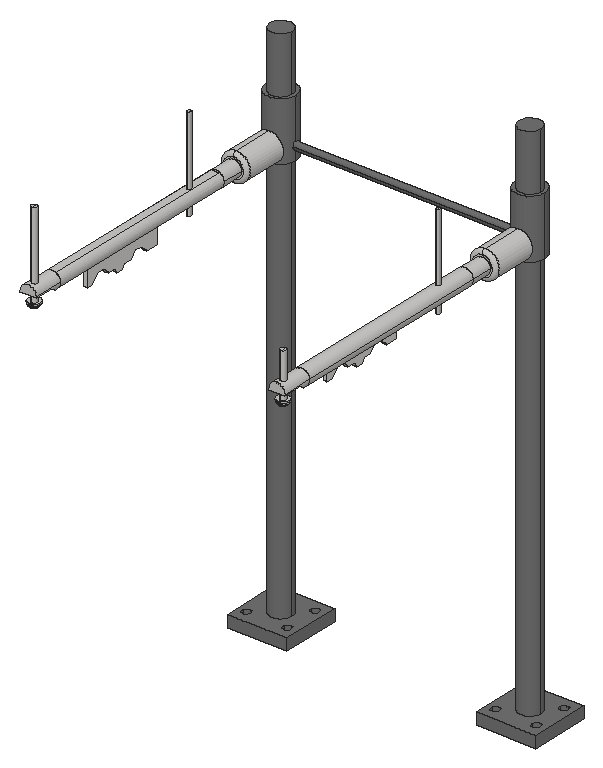
Revit family
Parameters (values of type "AM. STD LUCERNE 0355.012")
  Weight (lb) = 25.95
  Waste Connection = no
  Warranty = "1 year material and workmanship"  # constant formula
  Vent Connection = no
  URL = "http://www.jrsmith.com"
  Technical and Installation = "http://www.jrsmith.com/products/lav/techdata/td_index.htm"
  SmartBIM Object Version = 3  # constant formula
  SmartBIM Object Created By = "Reed Construction Data"  # constant formula
  Push On = yes
  Product URL = "http://www.jrsmith.com/products/lav/submittal/d0700.pdf"
  OmniClass Title = "Commercial Lavatories and Sinks"  # constant formula
  OmniClass Code = "22-22 42 16"  # constant formula
  Model = "0700"  # constant formula
  Max. Static Load = ""
  Material Finish = Stainless Steel Polished
  Material = Duco Coated
  Manufacturer = "Jay R. Smith Mfg. Co. "  # constant formula
  Maintenance = ""
  K = 1/2"
  J = 19"
  HW Connection = no
  G = 16 1/2"
  F = 6"
  E = 6"
  Description = "Pro-Set Lavatory Supports with Concealed Arms - Floor Mounted"  # constant formula
  D = 4"
  CW Connection = no
  Width = 16 3/4"
  Height = 36"
  Support Height = 29 1/4"
  Depth = 21 1/4"
  Default Elevation = 0"
  Assembly Code = "D2010310"
  A = Support Height + 3"  # 32 1/4"
  95 CSI = "15050"  # constant formula
  04 CSI = "22 05 29"  # constant formula
Types (13): name | Weight (lb) | K | J | G | F | E | D | Width | Height | Support Height | A
  AM. STD LUCERNE 0355.012 | 25.95 | 1/2" | 19" | 16 1/2" | 6" | 6" | 4" | 16 3/4" | 36" | 29 1/4" | 32 1/4"
  AM. STD LUCERNE 0356.015 | 25.95 | 1/2" | 19" | 16 1/2" | 6" | 6" | 4" | 16 1/4" | 36" | 32" | 35"
  AM. STD LUCERNE 0356.421 | 25.95 | 1/2" | 19" | 16 1/2" | 6" | 6" | 4" | 16 1/4" | 36 81/256" | 29 1/4" | 32 1/4"
  AM. STD LUCERNE 0356.439 | 25.95 | 1/2" | 19" | 16 1/2" | 6" | 6" | 4" | 16 1/4" | 36 81/256" | 29 1/4" | 32 1/4"
  AM. STD MURRO 0954.000 | 17.35 | 1/2" | 17" | 14 1/2" | 6" | 6" | 4" | 16 1/4" | 39 113/256" | 32 3/8" | 35 3/8"
  AM. STD MURRO 0955.000 | 17.35 | 1/2" | 17" | 14 1/2" | 6" | 6" | 4" | 16 1/4" | 39 113/256" | 32 3/8" | 35 3/8"
  AM. STD MURRO 0958.00 | 17.35 | 1/2" | 17" | 14 1/2" | 6" | 6" | 4" | 16 1/4" | 39 113/256" | 32 3/8" | 35 3/8"
  CRANE HARWICH 1-4 | 25.35 | 2 1/2" | 18" | 16 1/2" | 4 3/8" | 5 5/8" | 4" | 16 1/4" | 36 81/256" | 29 1/4" | 32 1/4"
  ELJER DELWN 051-1634, 1838 | 17.35 | 3/4" | 17" | 13 1/2" | 4 3/4" | 5" | 3" | 15 1/2" | 36 81/256" | 29 1/4" | 32 1/4"
  ELJER SIGNATURE 051-2101, 4, 8 | 25.35 | 3/4" | 18" | 15 3/4" | 4 3/4" | 5 5/8" | 4" | 17" | 39 81/256" | 32 1/4" | 35 1/4"
  KOHLER GREENWICH K-2030, 1, 2, 4, 6 | 24.45 | 3/4" | 16" | 14 1/4" | 5 1/4" | 5 1/4" | 3 1/4" | 17 1/4" | 36 81/256" | 29 1/4" | 32 1/4"
  KOHLER SOHO K-2053, 4 | 17.35 | 3/4" | 17" | 14 1/4" | 5 1/4" | 5 1/4" | 3 1/4" | 16 1/2" | 36 81/256" | 29 1/4" | 32 1/4"
  U. RUNDLE NEW CAMDEN 4648, 9 | 24.45 | 2 1/2" | 16" | 13 1/2" | 4" | 2 1/2" | 4 1/2" | 16 1/4" | 36 81/256" | 29 1/4" | 32 1/4"
Reference planes (in)
  plane 1: z = 0
  plane 2 "Center (Left/Right)": x = -8.5
  plane 3: x = -16.875
  plane 4: x = -0.125
  plane 5: y = 21
  plane 6: y = -0.25
  plane 7: z = 29.25
  plane 8: z = 14.625
  plane 9: z = 0.78125
  plane 10: z = 36
  plane 11: y = 15.52174
  plane 12: y = 1.74932
  plane 13 "Center (Front/Back)": y = 10.375
  plane 14: x = -18.875
  plane 15: x = 1.875
  plane 16: y = 0.25
  plane 17: z = 32.25
  plane 18: y = 17
  plane 19: y = 13.27174
  plane 20: y = 7.27174
  plane 21: y = 1.27174
  plane 22: z = 23.85534
  plane 23: z = 7.35534
  plane 24: z = 27.25
  plane 25: z = 8.25
  plane 26: z = 34.31641
Forms (in)
  Extrusion 1, solid, material "Duco Coated" <- "Material"
    sketch origin (0, 0, 0) x (1, 0, 0) y (0, 1, 0)
      loop
        line (-18.875, 23) -> (-18.875, 19) -> (-14.875, 19) -> (-14.875, 23) -> (-18.875, 23)
      loop
        line (1.875, 23) -> (-2.125, 23) -> (-2.125, 19) -> (1.875, 19) -> (1.875, 23)
      loop
        circle (-18.25, 22.16759) r 0.28125
      loop
        circle (-15.5, 22.16759) r 0.28125
      loop
        circle (-18.25, 19.83241) r 0.28125
      loop
        circle (-15.5, 19.83241) r 0.28125
      loop
        circle (1.25, 19.83241) r 0.28125
      loop
        circle (-1.5, 19.83241) r 0.28125
      loop
        circle (1.25, 22.16759) r 0.28125
      loop
        circle (-1.5, 22.16759) r 0.28125
    from 0 to 0.78125
  Extrusion 2, solid, material "Duco Coated" <- "Material"
    sketch origin (0, 0, 0.78125) x (1, 0, 0) y (0, 1, 0)
      loop
        circle (-16.875, 21) r 0.73828
      loop
        circle (-0.125, 21) r 0.73828
    from 0 to 35.21875
  Extrusion 3, solid, material "Duco Coated" <- "Material"
    sketch origin (0, 0, 0.78125) x (1, 0, 0) y (0, 1, 0)
      loop
        circle (-16.875, 21) r 0.73828
      loop
        circle (-16.875, 21) r 1
      loop
        circle (-0.125, 21) r 0.73828
      loop
        circle (-0.125, 21) r 1
    from 27.51979 to 31.45907
  Revolve 4, solid, material "Stainless Steel Polished" <- "Material Finish"
    sketch origin (-16.875, 0, 0) x (0, 1, 0) y (0, 0, 1)
      loop
        line (20, 30.18597) -> (17.25, 30.18597)
        arc (17.25, 30.18597) -> (17.07322, 30.11275) -> (17, 29.93597) r 0.25
        line (17, 29.93597) -> (17, 29.25119) -> (20, 29.25119) -> (20, 30.18597)
      axis (20, 29.25119) -> (17, 29.25119)
    angle from 0 to 360
  Revolve 5, solid, material "Stainless Steel Polished" <- "Material Finish"
    sketch origin (-0.125, 0, 0) x (0, 1, 0) y (0, 0, 1)
      loop
        line (20, 30.18597) -> (17.25, 30.18597)
        arc (17.25, 30.18597) -> (17.07322, 30.11275) -> (17, 29.93597) r 0.25
        line (17, 29.93597) -> (17, 29.25119) -> (20, 29.25119) -> (20, 30.18597)
      axis (20, 29.25119) -> (17, 29.25119)
    angle from 0 to 360
  Extrusion 6, solid, material "Stainless Steel Polished" <- "Material Finish"
    sketch origin (0, -2, 0) x (1, 0, 0) y (0, 0, 1)
      loop
        circle (-16.875, 29.25) r 0.54229
      loop
        circle (-0.125, 29.25) r 0.54229
    from -19 to -17.52174
  Extrusion 7, solid, material "Stainless Steel Polished" <- "Material Finish"
    sketch origin (0, -2, 0) x (1, 0, 0) y (0, 0, 1)
      loop
        arc (-17.15015, 29.72006) -> (-16.875, 28.70533) -> (-16.59985, 29.72006) r 0.54467
        line (-16.59985, 29.72006) -> (-17.15015, 29.72006)
      loop
        circle (-0.125, 29.25) r 0.54467
    from -17.52174 to -3.74932
  Extrusion 8, solid, material "Stainless Steel Polished" <- "Material Finish"
    sketch origin (0, -2, 0) x (1, 0, 0) y (0, 0, 1)
      loop
        circle (-0.125, 29.25) r 0.54467
    from -3.74932 to -1.75
  Extrusion 9, void
    sketch origin (-8.5, 0, 0) x (0, 1, 0) y (0, 0, 1)
      loop
        line (1.05367, 29.18597) -> (-0.25, 29.18597) -> (-0.25, 28.62075) -> (1.74932, 28.62075) -> (1.74932, 28.70771) -> (1.05367, 29.18597)
    from -10.375 to 10.375
  Revolve 10, solid, material "Stainless Steel Polished" <- "Material Finish"
    sketch origin (-16.875, 0, 0) x (0, 1, 0) y (0, 0, 1)
      loop
        line (0.44565, 34.31641) -> (0.25, 34.31641) -> (0.25, 28.23352)
        arc (0.25, 28.23352) -> (0.29806, 28.23509) -> (0.34561, 28.24231) r 0.40708
        arc (0.34561, 28.24231) -> (0.38677, 28.25336) -> (0.42655, 28.26865) r 0.40708
        arc (0.42655, 28.26865) -> (0.46311, 28.28721) -> (0.49762, 28.30936) r 0.40708
        arc (0.49762, 28.30936) -> (0.5327, 28.3375) -> (0.56446, 28.36934) r 0.40708
        arc (0.56446, 28.36934) -> (0.58737, 28.39743) -> (0.60769, 28.42743) r 0.40708
        arc (0.60769, 28.42743) -> (0.6207, 28.45025) -> (0.63222, 28.47386) r 0.40708
        arc (0.63222, 28.47386) -> (0.64856, 28.51656) -> (0.66001, 28.56082) r 0.40708
        arc (0.66001, 28.56082) -> (0.66481, 28.59065) -> (0.6674, 28.62075) r 0.40708
        line (0.6674, 28.62075) -> (0.44565, 28.62075) -> (0.44565, 34.31641)
      axis (0.25, 28.23352) -> (0.25, 34.31641)
    angle from 0 to 360
  Revolve 11, solid, material "Stainless Steel Polished" <- "Material Finish"
    sketch origin (-0.125, 0, 0) x (0, 1, 0) y (0, 0, 1)
      loop
        line (0.44565, 31.56641) -> (0.25, 31.56641) -> (0.25, 28.23352)
        arc (0.25, 28.23352) -> (0.29806, 28.23509) -> (0.34561, 28.24231) r 0.40708
        arc (0.34561, 28.24231) -> (0.38677, 28.25336) -> (0.42655, 28.26865) r 0.40708
        arc (0.42655, 28.26865) -> (0.46311, 28.28721) -> (0.49762, 28.30936) r 0.40708
        arc (0.49762, 28.30936) -> (0.5327, 28.3375) -> (0.56446, 28.36934) r 0.40708
        arc (0.56446, 28.36934) -> (0.58737, 28.39743) -> (0.60769, 28.42743) r 0.40708
        arc (0.60769, 28.42743) -> (0.6207, 28.45025) -> (0.63222, 28.47386) r 0.40708
        arc (0.63222, 28.47386) -> (0.64856, 28.51656) -> (0.66001, 28.56082) r 0.40708
        arc (0.66001, 28.56082) -> (0.66481, 28.59065) -> (0.6674, 28.62075) r 0.40708
        line (0.6674, 28.62075) -> (0.44565, 28.62075) -> (0.44565, 31.56641)
      axis (0.25, 28.23352) -> (0.25, 31.56641)
    angle from 0 to 360
  Extrusion 12, solid, material "Stainless Steel Polished" <- "Material Finish"
    sketch origin (-17, -2, 0) x (-1, 0, 0) y (0, 0, -1)
      loop
        circle (-0.125, -29.25) r 0.54467
    from -3.74932 to -1.75
  Extrusion 13, solid, material "Stainless Steel Polished" <- "Material Finish"
    sketch origin (-8.5, 0, 0) x (0, 1, 0) y (0, 0, 1)
      loop
        line (10.375, 28.80554) -> (4.56522, 28.80554) -> (4.56522, 27.57728) -> (4.95652, 27.57728) -> (5.43478, 28.05554) -> (5.95652, 28.05554) -> (6.34783, 27.66423) -> (6.90036, 27.66423) -> (7.06522, 27.38162) -> (7.47826, 27.38162) -> (7.64312, 27.66423) -> (8.19565, 27.66423) -> (8.58696, 28.05554) -> (9.1087, 28.05554) -> (9.58696, 27.57728) -> (10.375, 27.57728) -> (10.375, 28.80554)
    from 7.625 to 7.875
  Extrusion 14, solid, material "Stainless Steel Polished" <- "Material Finish"
    sketch origin (-16.875, 0, 0) x (0, 1, 0) y (0, 0, 1)
      loop
        line (10.375, 28.80554) -> (4.56522, 28.80554) -> (4.56522, 27.57728) -> (4.95652, 27.57728) -> (5.43478, 28.05554) -> (5.95652, 28.05554) -> (6.34783, 27.66423) -> (6.90036, 27.66423) -> (7.06522, 27.38162) -> (7.47826, 27.38162) -> (7.64312, 27.66423) -> (8.19565, 27.66423) -> (8.58696, 28.05554) -> (9.1087, 28.05554) -> (9.58696, 27.57728) -> (10.375, 27.57728) -> (10.375, 28.80554)
    from -0.125 to 0.125
  Extrusion 15, solid, material "Duco Coated" <- "Material"
    sketch origin (-8.5, 0, 0) x (0, 1, 0) y (0, 0, 1)
      loop
        circle (21, 29.25) r 0.25
    from -8.375 to 8.375
  Revolve 16, solid, material "Stainless Steel Polished" <- "Material Finish"
    sketch origin (-16.875, 0, 0) x (0, 1, 0) y (0, 0, 1)
      loop
        line (13.39674, 34.31641) -> (13.27174, 34.31641) -> (13.27174, 28.07609) -> (13.39674, 28.07609) -> (13.39674, 34.31641)
      axis (13.27174, 28.07609) -> (13.27174, 34.31641)
    angle from 0 to 360
  Revolve 17, solid, material "Stainless Steel Polished" <- "Material Finish"
    sketch origin (-0.125, 0, 0) x (0, 1, 0) y (0, 0, 1)
      loop
        line (13.39674, 34.31641) -> (13.27174, 34.31641) -> (13.27174, 28.07609) -> (13.39674, 28.07609) -> (13.39674, 34.31641)
      axis (13.27174, 28.07609) -> (13.27174, 34.31641)
    angle from 0 to 360
Cuts and joins
  Extrusion 9 cuts Extrusion 8
  Extrusion 9 cuts Extrusion 12
  joined: Revolve 4, Revolve 5, Extrusion 6, Extrusion 8, Revolve 10, Revolve 11, Extrusion 12
  joined: Extrusion 13, Extrusion 14
  joined: Extrusion 7, Revolve 16, Revolve 17
  joined: Extrusion 1, Extrusion 2, Extrusion 3, Extrusion 15
Dimensions and locks (in)
  equal spacing: plane 3, plane 2 "Center (Left/Right)", plane 4
  "Width": plane 3 to plane 4
  equal spacing: level, plane 8, plane 7
  "Support Height": level to plane 7
  locked: Extrusion 1 sketch curve to Extrusion 1 sketch curve at 4  (x4)
  equal spacing: Extrusion 1 sketch curve, plane 5, Extrusion 1 sketch curve  (x2)
  equal spacing: Extrusion 1 sketch curve, plane 3, Extrusion 1 sketch curve  (x3)
  equal spacing: Extrusion 1 sketch curve, plane 4, Extrusion 1 sketch curve  (x3)
  locked: Extrusion 1 sketch curve to Extrusion 1 sketch curve at 2.75  (x4)
  locked: level to plane 9 at 0.78125
  locked: Extrusion 3 to Extrusion 3 at 3.93928
  locked: Extrusion 3 to plane 7 at 0.94896
  equal spacing: plane 6, plane 13 "Center (Front/Back)", plane 5
  "Depth": plane 6 to plane 5
  locked: plane 14 to plane 3 at 2
  locked: plane 15 to plane 4 at 2
  locked: plane 12 to plane 6 at 1.99932
  "K": plane 16 to plane 6
  "Height": level to plane 10
  "A": level to plane 17
  "D": plane 5 to plane 18
  "E": plane 19 to plane 20
  locked: plane 13 "Center (Front/Back)" to plane 20 at 3.10326
  locked: Revolve 16 sketch curve to Revolve 16 sketch curve at 0.125
  "F": plane 20 to plane 21
  "G": plane 22 to plane 23
  locked: plane 22 to plane 7 at 5.39466
  "J": plane 24 to plane 25
  locked: plane 24 to plane 7 at 2
  locked: Revolve 17 sketch curve to Revolve 17 sketch curve at 0.125
  locked: plane 5 to Revolve 4 sketch curve at 1
  aligned and locked: level to plane 1
  aligned and locked: Extrusion 1 to level
  aligned and locked: Extrusion 1 to plane 9
  aligned and locked: Extrusion 2 to Extrusion 1
  aligned and locked: plane 5 to Extrusion 2 sketch curve  (x2)
  aligned and locked: plane 3 to Extrusion 2 sketch curve
  aligned and locked: plane 4 to Extrusion 2 sketch curve
  aligned and locked: Extrusion 2 to plane 10
  aligned and locked: plane 3 to Extrusion 3 sketch curve  (x2)
  aligned and locked: plane 5 to Extrusion 3 sketch curve  (x4)
  aligned and locked: plane 4 to Extrusion 3 sketch curve  (x2)
  aligned and locked: plane 3 to Extrusion 6 sketch curve
  aligned and locked: plane 7 to Extrusion 6 sketch curve  (x2)
  aligned and locked: plane 4 to Extrusion 6 sketch curve
  aligned and locked: plane 7 to Extrusion 7 sketch curve  (x2)
  aligned and locked: plane 3 to Extrusion 7 sketch curve
  aligned and locked: plane 4 to Extrusion 7 sketch curve
  aligned and locked: plane 11 to cut or joined group of Revolve 4, Revolve 5, Extrusion 6, Extrusion 8, Extrusion 9, Revolve 10, Revolve 11, Extrusion 12
  aligned and locked: Extrusion 7 to plane 11
  aligned and locked: Extrusion 7 to plane 12
  aligned and locked: plane 4 to Extrusion 8 sketch curve
  aligned and locked: plane 7 to Extrusion 8 sketch curve
  aligned and locked: plane 6 to Extrusion 8
  aligned and locked: Extrusion 9 to plane 14
  aligned and locked: Extrusion 9 to plane 15
  aligned and locked: Extrusion 9 to Extrusion 12
  aligned and locked: Extrusion 9 to Extrusion 8
  aligned and locked: plane 12 to Extrusion 12
  aligned and locked: plane 16 to Revolve 10 sketch curve
  aligned and locked: Revolve 10 sketch curve to plane 16
  aligned and locked: Revolve 11 sketch curve to plane 16
  aligned and locked: plane 16 to Revolve 11 sketch curve
  aligned and locked: cut or joined group of Extrusion 13, Extrusion 14 to plane 13 "Center (Front/Back)"  (x2)
  aligned and locked: plane 6 to cut or joined group of Revolve 4, Revolve 5, Extrusion 6, Extrusion 8, Extrusion 9, Revolve 10, Revolve 11, Extrusion 12
  aligned and locked: plane 7 to Extrusion 15 sketch curve
  aligned and locked: plane 5 to Extrusion 15 sketch curve
  aligned and locked: Extrusion 15 to plane 3
  aligned and locked: plane 4 to Extrusion 15
  aligned and locked: Revolve 4 sketch curve to plane 18
  aligned and locked: Revolve 5 sketch curve to plane 18
  aligned and locked: Extrusion 6 to plane 18
  aligned and locked: plane 19 to Revolve 16 sketch curve
  aligned and locked: Revolve 16 sketch curve to plane 19
  aligned and locked: Revolve 17 sketch curve to plane 19
  aligned and locked: plane 19 to Revolve 17 sketch curve
  aligned and locked: plane 26 to cut or joined group of Extrusion 7, Revolve 16, Revolve 17  (x2)
  aligned and locked: plane 26 to cut or joined group of Revolve 4, Revolve 5, Extrusion 6, Extrusion 8, Extrusion 9, Revolve 10, Revolve 11, Extrusion 12
Automatic sketch dimensions
  Extrusion 1 sketch curve to Extrusion 1 sketch curve = 0.83241"  (x8)
  Revolve 5 sketch curve to plane 18 = 1/4"
  Revolve 5 sketch curve to plane 7 = 0.00119"
  Revolve 5 sketch curve to Revolve 5 sketch curve = 1/2"
  Revolve 5 sketch curve to Revolve 5 sketch curve = 0.97826"
  Revolve 5 sketch curve to Revolve 5 sketch curve = 0"
  Revolve 5 sketch curve to plane 7 = 0.68597"
  Extrusion 9 sketch curve to plane 6 = 0"
  Extrusion 9 sketch curve to plane 12 = 0"
  plane 7 to Extrusion 9 sketch curve = 0.06403"
  plane 21 to Extrusion 9 sketch curve = 0.21807"
  plane 7 to Extrusion 9 sketch curve = 0.54229"
  Extrusion 9 sketch curve to Extrusion 9 sketch curve = 0.56522"
  Revolve 10 sketch curve to Revolve 10 sketch curve = 0"  (x56)
  Revolve 10 sketch curve to plane 16 = 0.01079"
  Revolve 10 sketch curve to plane 16 = 0.09561"
  Revolve 10 sketch curve to Revolve 10 sketch curve = 0.08094"
  Revolve 10 sketch curve to plane 16 = 0.19565"
  Revolve 10 sketch curve to Revolve 10 sketch curve = 0.07107"
  Revolve 10 sketch curve to Revolve 10 sketch curve = 0.06684"
  Revolve 10 sketch curve to Revolve 10 sketch curve = 0.04323"
  Revolve 10 sketch curve to Revolve 10 sketch curve = 0.02454"
  Revolve 10 sketch curve to Revolve 10 sketch curve = 0.02779"
  Revolve 10 sketch curve to Revolve 10 sketch curve = 0.00739"
  plane 24 to Revolve 10 sketch curve = 0.98352"
  Revolve 10 sketch curve to Revolve 10 sketch curve = 0.00879"
  Revolve 10 sketch curve to plane 7 = 0.12075"
  Revolve 10 sketch curve to plane 17 = 2 17/256"
  Revolve 10 sketch curve to Revolve 10 sketch curve = 0.24732"
  Revolve 11 sketch curve to Revolve 11 sketch curve = 0"  (x56)
  Revolve 11 sketch curve to plane 16 = 0.01079"
  Revolve 11 sketch curve to plane 16 = 0.09561"
  Revolve 11 sketch curve to Revolve 11 sketch curve = 0.08094"
  Revolve 11 sketch curve to plane 16 = 0.19565"
  Revolve 11 sketch curve to Revolve 11 sketch curve = 0.07107"
  Revolve 11 sketch curve to Revolve 11 sketch curve = 0.06684"
  Revolve 11 sketch curve to Revolve 11 sketch curve = 0.04323"
  Revolve 11 sketch curve to Revolve 11 sketch curve = 0.02454"
  Revolve 11 sketch curve to Revolve 11 sketch curve = 0.02779"
  Revolve 11 sketch curve to Revolve 11 sketch curve = 0.00739"
  plane 24 to Revolve 11 sketch curve = 0.98352"
  Revolve 11 sketch curve to Revolve 11 sketch curve = 0.00879"
  Revolve 11 sketch curve to plane 7 = 0.12075"
  plane 17 to Revolve 11 sketch curve = 175/256"
  Revolve 11 sketch curve to Revolve 11 sketch curve = 0.24732"
  Extrusion 12 sketch curve to plane 3 = 0"
  Extrusion 12 sketch curve to plane 7 = 0"
  Extrusion 13 sketch curve to plane 13 "Center (Front/Back)" = 0"
  plane 24 to Extrusion 13 sketch curve = 0.32728"  (x2)
  plane 13 "Center (Front/Back)" to Extrusion 13 sketch curve = 0.78804"
  Extrusion 13 sketch curve to Extrusion 13 sketch curve = 0.47826"  (x3)
  Extrusion 13 sketch curve to Extrusion 13 sketch curve = 0.52174"  (x2)
  Extrusion 13 sketch curve to Extrusion 13 sketch curve = 0.3913"  (x2)
  Extrusion 13 sketch curve to plane 20 = 0.37138"
  Extrusion 13 sketch curve to plane 20 = 0.20652"
  plane 20 to Extrusion 13 sketch curve = 0.20652"
  Extrusion 13 sketch curve to Extrusion 13 sketch curve = 0.16486"
  plane 24 to Extrusion 13 sketch curve = 0.41423"
  Extrusion 13 sketch curve to Extrusion 13 sketch curve = 0.55254"
  plane 24 to Extrusion 13 sketch curve = 0.80554"
  plane 7 to Extrusion 13 sketch curve = 0.44446"
  Extrusion 13 sketch curve to Extrusion 13 sketch curve = 0.86957"
  plane 24 to Extrusion 13 sketch curve = 0.13162"
  Extrusion 13 sketch curve to Extrusion 13 sketch curve = 0.28261"
  Extrusion 14 sketch curve to plane 13 "Center (Front/Back)" = 0"
  plane 24 to Extrusion 14 sketch curve = 0.32728"  (x2)
  plane 13 "Center (Front/Back)" to Extrusion 14 sketch curve = 0.78804"
  Extrusion 14 sketch curve to Extrusion 14 sketch curve = 0.47826"  (x3)
  Extrusion 14 sketch curve to Extrusion 14 sketch curve = 0.52174"  (x2)
  Extrusion 14 sketch curve to Extrusion 14 sketch curve = 0.3913"  (x2)
  Extrusion 14 sketch curve to plane 20 = 0.37138"
  Extrusion 14 sketch curve to plane 20 = 0.20652"
  plane 20 to Extrusion 14 sketch curve = 0.20652"
  Extrusion 14 sketch curve to Extrusion 14 sketch curve = 0.16486"
  plane 24 to Extrusion 14 sketch curve = 0.41423"
  Extrusion 14 sketch curve to Extrusion 14 sketch curve = 0.55254"
  plane 24 to Extrusion 14 sketch curve = 0.80554"
  plane 7 to Extrusion 14 sketch curve = 0.44446"
  Extrusion 14 sketch curve to Extrusion 14 sketch curve = 0.86957"
  plane 24 to Extrusion 14 sketch curve = 0.13162"
  Extrusion 14 sketch curve to Extrusion 14 sketch curve = 0.28261"
  plane 24 to Revolve 16 sketch curve = 0.82609"
  Revolve 16 sketch curve to Revolve 16 sketch curve = 0"
  Revolve 16 sketch curve to plane 17 = 2 17/256"
  Revolve 16 sketch curve to Revolve 16 sketch curve = 0.32755"
  plane 24 to Revolve 17 sketch curve = 0.82609"
  Revolve 17 sketch curve to Revolve 17 sketch curve = 0"
  Revolve 17 sketch curve to plane 17 = 2 17/256"
  Revolve 17 sketch curve to Revolve 17 sketch curve = 0.18771"
  Revolve 4 sketch curve to plane 18 = 1/4"
  Revolve 4 sketch curve to plane 7 = 0.00119"  (x2)
  Revolve 4 sketch curve to Revolve 4 sketch curve = 1/2"
  Revolve 4 sketch curve to Revolve 4 sketch curve = 0.97826"
  Revolve 4 sketch curve to plane 7 = 0.68597"
  Revolve 5 sketch curve to Revolve 5 sketch curve = 1.27174"
  Extrusion 7 sketch curve to plane 7 = 0.47006"
  plane 3 to Extrusion 7 sketch curve = 0.27515"
  radius of Extrusion 1 sketch curve = 9/32"  (x8)
  radius of Extrusion 2 sketch curve = 189/256"  (x2)
  radius of Extrusion 3 sketch curve = 189/256"  (x2)
  radius of Extrusion 3 sketch curve = 1"  (x2)
  radius of Extrusion 6 sketch curve = 0.54229"  (x2)
  radius of Extrusion 8 sketch curve = 0.54467"
  radius of Extrusion 12 sketch curve = 0.54467"
  radius of Extrusion 15 sketch curve = 1/4"
  radius of Extrusion 7 sketch curve = 0.54467"
